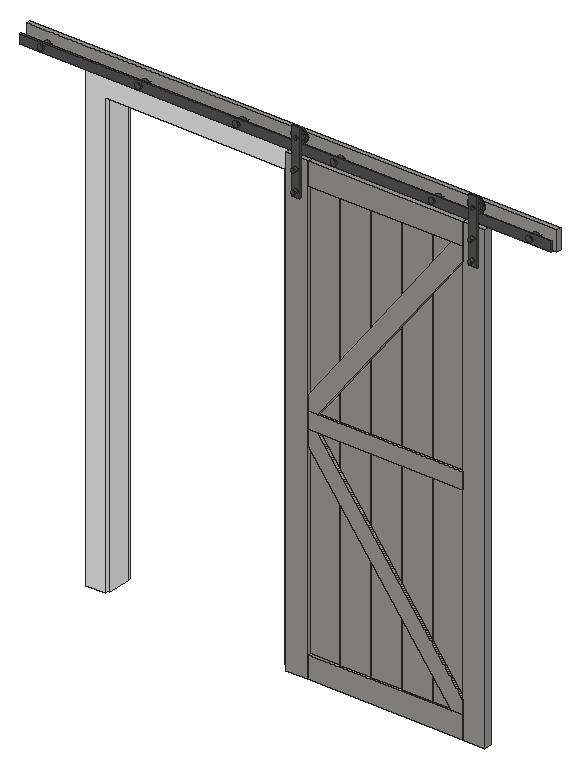
Revit family "Door_Barn_Stone", category Doors, host Wall, Revit 2026
Family settings
  Host = Wall
  Classification Number = 23.30.10.17.11
  Always vertical = Yes
  Cut with Voids When Loaded = No
  Shared = No
  Room Calculation Point = No
Parameters (values of type "Sandstone")
  panelmovement [instance] = if(Percent Open = 0, 0' 0", 3' 0" / ((100 / Percent Open)))  # 3' - 0"
  longtrackmounts = yes
  Width of Blocking Mounting Board [instance] = 0' - 3 1/2"
  Type Comments = "Confirm Opening Size Requirements"
  Track Width = 8' - 0"
  Strap Design [instance] = BarnDoorStraps : Straight Strap
  Standards Conformance = ""
  Sound Transmission Class (STC) = 0
  Show Generic Cased Opening [instance] = yes
  RO Offset [instance] = 0' - 0 3/4"
  Percent Open [instance] = 100
  Panel Width = 3' - 0"
  Panel Thickness = 0' - 1 3/8"
  Panel Stile Width [instance] = 0' - 4"
  Panel Rail Width_Top [instance] = 0' - 4"
  Panel Rail Width_Bottom [instance] = 0' - 4"
  Panel Intermediate Rail Widths [instance] = 0' - 3"
  Panel Height = 7' - 0"
  Panel Center Rail Width [instance] = 0' - 3"
  Minimum Width = 0' - 0"
  Maximum Width = 0' - 0"
  Locate Center of Track [instance] = 0' - 1 1/2"
  Include Blocking Mounting Board [instance] = yes
  Height to Bottom of Blocking Mounting Board [instance] = 7' - 0 1/16"
  Generic Casing Finish [instance] = Wood - Renin - Painted White
  Function = Interior
  Frame Finish [instance] = Metal - Renin - Matte Black Steel
  Door Finish [instance] = Wood - Renin - Sandstone
  Door Design = Door_Barn-Panel_Renin_K : Grooved Wood Panel
  Clear Opening Width [instance] = 2' - 8"
  Clear Opening Height [instance] = 6' - 8"
  Warranty Duration (Years) = 0
  URL = "https://www.renin.com/"
  Thickness = 0' - 0"  # constant formula
  Test Data = ""
  Specification = ""
  SpecWizard = ""
  Send Message = ""
  Sales Information = "https://www.renin.com/contact-us/"
  Rough Width [instance] = (Clear Opening Width + (RO Offset * 2))  # 2' - 9 1/2"
  Rough Height [instance] = (Clear Opening Height + (RO Offset))  # 6' - 8 3/4"
  Product Properties = ""
  Product Data = "http://www.arcat.com/arcatcos/cos49/arc49687.html"
  Manufacturer Website = "https://www.renin.com/"
  Manufacturer Phone - Toll Free = ""
  Manufacturer Fax = "905-791-3813"
  Manufacturer Address = "110 Walker Dr.   Brampton, ON, Canada    L6T 4H6"
  Maintenance Schedule (Months) = 0
  Installation-Fabrication = ""
  Installation Phase = ""
  Green Building-LEED = ""
  Model = "Stone - Sandstone"
  Manufacturer = "Renin Corp"
  Keynote = "08 00 00"
  Height [instance] = 0' - 0"  # constant formula
  Wall Closure = By host
  Width [instance] = 0' - 0"  # constant formula
  Fire Rating = "As Specified"
  Expected Lifespan (Years) = 0
  Drawn By = "Sumex Design, Inc. / Robert S. Weygant, CSI, CDT, SCIP"  # constant formula
  Description = "Renin Barn Door and Track - Stone Easy Slide Soft Close as Specified"
  Copyright = "©Arcat Inc. R1_2017-03"  # constant formula
  Construction Details = ""
  Door CL Projection from Wall [instance] = 0' - 2 1/8"
  Building Codes = ""
  Available Options = ""
  Assembly Code = "C1020100"
  Analytic Construction = "<None>"
  Air Space Beneath Door = 0' - 0 7/16"
Types (3): name | Door Finish | Model
  Off-White | Wood - Renin - Off-White | "Stone - Off-White"
  Iron Age Grey | Wood - Renin - Iron Age Grey | "Stone - Iron Age Grey"
  Sandstone | Wood - Renin - Sandstone | "Stone - Sandstone"
Reference planes (in)
  plane 1 "Center (Front/Back)": y = -33.96225
  plane 2 "Center (Left/Right)": x = 34.28704
  plane 3: z = 0
  plane 4 "Right": x = 50.28704
  plane 5 "Left": x = 18.28704
  plane 6: z = 0
  plane 7 "Top of Frame": z = 80
  plane 8 "RO Top": z = 80.75
  plane 9 "RO Right": x = 51.03704
  plane 10 "RO Left": x = 17.53704
  plane 11 "EXT WALL FACE": y = -31.96225
  plane 12 "INT WALL FACE": y = -35.96225
  plane 13: x = 51.78704
  plane 14: x = 3.78704
  plane 15: x = 99.78704
  plane 16: y = -38.08725
  plane 17: z = 84.4375
  plane 18: z = 0.4375
  plane 19: z = 85.5625
  plane 20: y = -37.39975
  plane 21: y = -38.77475
  plane 22: x = 52.28704
  plane 23: x = 88.28704
  plane 24: x = 70.28704
Forms (in)
  Sweep 1, solid, material "Wood - Renin - Painted White" <- "Generic Casing Finish", visible <- "Show Generic Cased Opening"
    path origin (0, -35.96225, 0) x (-1, 0, 0) y (0, 0, 1)
      loop
        line (-18.28704, 0) -> (-18.28704, 80) -> (-50.28704, 80) -> (-50.28704, 0)
    profile origin (18.28704, -35.96225, 40) x (1, 0, 0) y (0, 1, 0)
      loop
        line (0, 0) -> (0, 4) -> (-0.75, 4) -> (-0.75, 0) -> (0, 0)
  Sweep 2, solid, material "Wood - Renin - Painted White" <- "Generic Casing Finish", visible <- "Show Generic Cased Opening"
    path origin (0, -35.96225, 0) x (-1, 0, 0) y (0, 0, 1)
      loop
        line (-18.28704, 0) -> (-18.28704, 80) -> (-50.28704, 80) -> (-50.28704, 0)
    profile origin (18.28704, -35.96225, 40) x (1, 0, 0) y (0, 1, 0)
      loop
        line (-0.25, 4) -> (-0.25, 4.75) -> (-3.75, 4.75) -> (-3.75, 4) -> (-0.25, 4)
      loop
        line (-0.25, 0) -> (-3.75, 0) -> (-3.75, -0.75) -> (-0.25, -0.75) -> (-0.25, 0)
  Extrusion 3, solid, material "Metal - Renin - Matte Black Steel" <- "Frame Finish"
    sketch origin (10.10712, -38.08725, 48) x (-1, 0, 0) y (0, 0, 1)
      loop
        line (-89.67991, 38.4375) -> (-89.67991, 36.6875) -> (6.32009, 36.6875) -> (6.32009, 38.4375) -> (-89.67991, 38.4375)
    from 0.125 to -0.125
  Extrusion 4, solid, material "Wood - Renin - Sandstone" <- "Door Finish", visible <- "Include Blocking Mounting Board"
    sketch origin (0, -35.96225, 0) x (-1, 0, 0) y (0, 0, 1)
      loop
        line (-3.78704, 87.5625) -> (-99.78704, 87.5625) -> (-99.78704, 84.0625) -> (-3.78704, 84.0625) -> (-3.78704, 87.5625)
    from 0 to -0.75
  Extrusion 5, solid, material "Metal - Renin - Matte Black Steel" <- "Frame Finish", visible <- "longtrackmounts"
    sketch origin (10.10712, -38.08725, 48) x (-1, 0, 0) y (0, 0, 1)
      loop
        circle (-50.52366, 37.5625) r 0.5
      loop
        circle (-68.21116, 37.5625) r 0.5
      loop
        circle (-85.89866, 37.5625) r 0.5
      loop
        circle (-32.83616, 37.5625) r 0.5
      loop
        circle (-15.14866, 37.5625) r 0.5
      loop
        circle (2.53884, 37.5625) r 0.5
    from -0.31146 to 2.125
Lines and regions (in)
  Opening 1
    outline origin (-109.33485, -35.96225, 0) x (1, 0, 0) y (0, 0, 1)
      loop
        line (126.87189, 0) -> (160.37189, 0) -> (160.37189, 80.75) -> (126.87189, 80.75) -> (126.87189, 0)
Text (in)
  text "Exterior" at (-73.77742, -16.66641, 0), in view "Plan"
  text "Interior" at (-73.77742, -50.14366, 0), in view "Plan"
  text "Exterior" at (0, -17.98638, 123.01588), in view "Right"
  text "Interior" at (0, -64.39139, 123.01588), in view "Right"
  text "Interior" at (0, -52.09468, 121.14095), in view "Left"
  text "Exterior" at (0, 26.35325, 123.00693), in view "Left"
Dimensions and locks (in)
  equal spacing: plane 4 "Right", plane 2 "Center (Left/Right)", plane 5 "Left"
  "Clear Opening Width": plane 5 "Left" to plane 4 "Right"
  "Clear Opening Height": level to plane 7 "Top of Frame"
  "RO Offset": plane 5 "Left" to plane 10 "RO Left"
  "RO Offset": plane 9 "RO Right" to plane 4 "Right"
  "RO Offset": plane 7 "Top of Frame" to plane 8 "RO Top"
  Sweep 2 sketch curve to plane 11 "EXT WALL FACE" to Sweep 2 sketch curve = 0' - 0 3/4" locked, 0' - 0" locked
  plane 12 "INT WALL FACE" to Sweep 2 sketch curve to Sweep 2 sketch curve = 0' - 0" locked, 0' - 0 3/4" locked
  Sweep 2 sketch curve to plane 10 "RO Left" to Sweep 2 sketch curve = 0' - 3" locked, 0' - 0 1/2" locked  (x2)
  "Locate Center of Track": plane 4 "Right" to plane 13
  equal spacing: plane 15, plane 13, plane 14
  "Track Width": plane 15 to plane 14
  "Door CL Projection from Wall": plane 12 "INT WALL FACE" to plane 16
  "Air Space Beneath Door": plane 18 to level
  "Panel Height": plane 17 to plane 18
  locked: plane 19 to plane 17 at 1.125
  Extrusion 3 sketch curve to plane 19 to Extrusion 3 sketch curve = 0' - 0 7/8" locked, 0' - 0 7/8" locked
  equal spacing: plane 20, plane 16, plane 21
  "Panel Thickness": plane 20 to plane 21
  locked: plane 23 to plane 22 at 36
  equal spacing: plane 23, plane 24, plane 22
  "panelmovement": plane 24 to plane 2 "Center (Left/Right)"
  "Height to Bottom of Blocking Mounting Board": Extrusion 4 sketch curve to level
  "Width of Blocking Mounting Board": Extrusion 4 sketch curve to Extrusion 4 sketch curve
  Extrusion 5 sketch curve to Extrusion 5 sketch curve to Extrusion 5 sketch curve to plane 13 = 1' - 5 11/16" locked, 1' - 5 11/16" locked, 0' - 8 27/32" locked
  Extrusion 5 sketch curve to Extrusion 5 sketch curve to Extrusion 5 sketch curve = 1' - 5 11/16" locked, 1' - 5 11/16" locked
  locked: plane 13 to Extrusion 5 sketch curve at 8.84375
  aligned and locked: host wall to plane 1 "Center (Front/Back)"
  aligned and locked: Opening 1 sketch curve to level
  aligned and locked: plane 9 "RO Right" to Opening 1 sketch curve
  aligned and locked: Opening 1 sketch curve to plane 8 "RO Top"
  aligned and locked: plane 10 "RO Left" to Opening 1 sketch curve
  aligned and locked: plane 12 "INT WALL FACE" to host wall
  aligned and locked: host wall to plane 11 "EXT WALL FACE"
  aligned and locked: plane 4 "Right" to Sweep 1 sketch curve
  aligned and locked: Sweep 1 sketch curve to plane 5 "Left"
  aligned and locked: Sweep 1 sketch curve to plane 7 "Top of Frame"
  aligned and locked: Sweep 1 sketch curve to plane 11 "EXT WALL FACE"
  aligned and locked: plane 12 "INT WALL FACE" to Sweep 1 sketch curve
  aligned and locked: plane 10 "RO Left" to Sweep 1 sketch curve
  aligned and locked: plane 5 "Left" to Sweep 1 sketch curve
  aligned and locked: plane 5 "Left" to Sweep 2 sketch curve
  aligned and locked: plane 7 "Top of Frame" to Sweep 2 sketch curve
  aligned and locked: Sweep 2 sketch curve to plane 4 "Right"
  aligned and locked: Extrusion 3 sketch curve to plane 15
  aligned and locked: Extrusion 3 sketch curve to plane 14
  aligned and locked: nested 1 to plane 20
  aligned and locked: nested 1 to plane 24
  aligned and locked: plane 24 to nested 2
  aligned and locked: nested 2 to plane 21
  aligned and locked: plane 14 to Extrusion 4 sketch curve
  aligned and locked: plane 15 to Extrusion 4 sketch curve
  aligned and locked: plane 12 "INT WALL FACE" to Extrusion 5
Automatic sketch dimensions
  Sweep 1 sketch curve to level = 0' - 0"  (x2)
  Sweep 2 sketch curve to level = 0' - 0"  (x2)
  Extrusion 5 sketch curve to plane 19 = 0' - 0"  (x6)
  radius of Extrusion 5 sketch curve = 0' - 0 1/2"  (x6)
Nested families (in)
  nested 1: "Door_Barn-Panel_Renin_K" at (70.28704, -37.39975, 0), type <- "Door Design", Stile Width <- "Panel Stile Width", Rail Width_Top <- "Panel Rail Width_Top", Rail Width_Bottom <- "Panel Rail Width_Bottom", Intermediate Rail Width <- "Panel Intermediate Rail Widths", Door Finish <- "Door Finish", Center Rail Width <- "Panel Center Rail Width", type "Grooved Wood Panel"
    with groovelineextension 6' - 4", Stile Width 0' - 4", Rail Width_Top 0' - 4", Rail Width_Bottom 0' - 4", Panel Width 3' - 0", Panel Thickness 0' - 1 3/8", Panel Height 7' - 0", Intermediate Rail Width 0' - 3", Door Finish Wood - Renin - Sandstone, Center Rail Width 0' - 3", Center Panel Thickness 0' - 0 1/2"
  nested 2: "BarnDoorStraps" at (70.28704, -38.77475, 84.4375), type <- "Strap Design", Stile Width <- "Panel Stile Width", finish <- "Frame Finish", type "Straight Strap"
    with finish Metal - Renin - Matte Black Steel, Stile Width 0' - 4", Top Mount no, Strap Mountings yes, Straight Strap yes
Definition of nested family "Door_Barn-Panel_Renin_K"
  Parameters (values of type "Grooved Wood Panel")
    groovelineextension [instance] = if(Grooved Wood Panel, Panel Height - Rail Width_Top - Rail Width_Bottom, 0' 0")  # 6' - 4"
    Stile Width [instance] = 0' - 4.0428"
    Rail Width_Top [instance] = 0' - 4"
    Rail Width_Bottom [instance] = 0' - 4"
    Panel Width [instance] = 3' - 0"
    Panel Thickness [instance] = 0' - 1 3/8"
    Panel Height [instance] = 7' - 0"
    Intermediate Rail Width [instance] = 0' - 3"
    Grooved Wood Panel = yes
    Glazing Panel = no
    Door Finish [instance] = none
    Default Elevation = 0' - 0"  # constant formula
    Center Rail Width [instance] = 0' - 3"
    Center Panel Thickness [instance] = 0' - 0 1/2"
    Analytic Construction = "<None>"
  Types (2): name | groovelineextension | Grooved Wood Panel | Glazing Panel
    Glazed Panel | 0' - 0" | no | yes
    Grooved Wood Panel | 6' - 4" | yes | no
  Reference planes (in)
    plane 1 "Center (Front/Back)": y = 0
    plane 2: z = 0
    plane 3 "Center (Left/Right)": x = 0
    plane 4: x = -18
    plane 5: x = 18
    plane 6: z = 0.4375
    plane 7: z = 84.4375
    plane 8: y = -1.375
    plane 9: z = 80.4375
    plane 10: z = 4.4375
    plane 11: x = -13.9572
    plane 12: x = 13.9572
    plane 13: y = -0.6875
    plane 14: y = -0.4375
    plane 15: y = -0.9375
    plane 16: x = -8.37432
    plane 17: x = -2.79144
    plane 18: x = 2.79144
    plane 19: x = 8.37432
    plane 20: z = 42.4375
    plane 21: z = 43.9375
    plane 22: z = 40.9375
  Forms (in)
    Extrusion 1, solid, material <- "Door Finish"
      sketch origin (0, 0, 0) x (1, 0, 0) y (0, 0, 1)
        loop
          line (-13.9572, 4.4375) -> (-13.9572, 0.4375) -> (13.9572, 0.4375) -> (13.9572, 4.4375) -> (-13.9572, 4.4375)
      from 0 to 1.375 <- "Panel Thickness"
    Extrusion 2, solid, material <- "Door Finish"
      sketch origin (0, 0, 0) x (1, 0, 0) y (0, 0, 1)
        loop
          line (-18, 84.4375) -> (-18, 0.4375) -> (-13.9572, 0.4375) -> (-13.9572, 84.4375) -> (-18, 84.4375)
        loop
          line (13.9572, 84.4375) -> (13.9572, 0.4375) -> (18, 0.4375) -> (18, 84.4375) -> (13.9572, 84.4375)
      from 0 to 1.375 <- "Panel Thickness"
    Extrusion 3, solid, material <- "Door Finish"
      sketch origin (0, 0, 0) x (1, 0, 0) y (0, 0, 1)
        loop
          line (-13.9572, 84.4375) -> (-13.9572, 80.4375) -> (13.9572, 80.4375) -> (13.9572, 84.4375) -> (-13.9572, 84.4375)
      from 0 to 1.375 <- "Panel Thickness"
    Extrusion 4, solid, material <- "Door Finish"
      sketch origin (-18.65389, -0.6875, 48) x (-1, 0, 0) y (0, 0, 1)
        loop
          line (-4.69669, 32.4375) -> (-32.61109, 32.4375) -> (-32.61109, -43.5625) -> (-4.69669, -43.5625) -> (-4.69669, 32.4375)
      from -0.25 to 0.25
    Extrusion 5, void
      sketch origin (-21.72866, -180, 80.4375) x (0, -1, 0) y (-1, 0, 0)
        loop
          line (-179.5625, -13.47934) -> (-179.49033, -13.35434) -> (-179.5625, -13.22934) -> (-179.5625, -13.47934)
        loop
          line (-179.0625, -13.47934) -> (-179.0625, -13.22934) -> (-179.13467, -13.35434) -> (-179.0625, -13.47934)
      from -0.5 to 76 <- "groovelineextension"
    Extrusion 6, void
      sketch origin (-21.72866, -180, 80.4375) x (0, -1, 0) y (-1, 0, 0)
        loop
          line (-179.49033, -18.93722) -> (-179.5625, -18.81222) -> (-179.5625, -19.06222) -> (-179.49033, -18.93722)
        loop
          line (-179.0625, -18.81222) -> (-179.13467, -18.93722) -> (-179.0625, -19.06222) -> (-179.0625, -18.81222)
      from -0.5 to 76 <- "groovelineextension"
    Extrusion 7, void
      sketch origin (-21.72866, -180, 80.4375) x (0, -1, 0) y (-1, 0, 0)
        loop
          line (-179.49033, -24.5201) -> (-179.5625, -24.3951) -> (-179.5625, -24.6451) -> (-179.49033, -24.5201)
        loop
          line (-179.0625, -24.3951) -> (-179.13467, -24.5201) -> (-179.0625, -24.6451) -> (-179.0625, -24.3951)
      from -0.5 to 76 <- "groovelineextension"
    Extrusion 8, void
      sketch origin (-21.72866, -180, 80.4375) x (0, -1, 0) y (-1, 0, 0)
        loop
          line (-179.49033, -30.10298) -> (-179.5625, -29.97798) -> (-179.5625, -30.22798) -> (-179.49033, -30.10298)
        loop
          line (-179.0625, -29.97798) -> (-179.13467, -30.10298) -> (-179.0625, -30.22798) -> (-179.0625, -29.97798)
      from -0.5 to 76 <- "groovelineextension"
    Extrusion 9, solid, material <- "Door Finish"
      sketch origin (0, 0, 0) x (1, 0, 0) y (0, 0, 1)
        loop
          line (-13.9572, 43.9375) -> (-13.9572, 40.9375) -> (13.9572, 40.9375) -> (13.9572, 43.9375) -> (-13.9572, 43.9375)
      from 0 to 1.375 <- "Panel Thickness"
    Extrusion 10, solid, material <- "Door Finish"
      sketch origin (13.9572, 0, 80.4375) x (-0.607486, 0, -0.79433) y (0.79433, 0, -0.607486)
        loop
          line (1.96135, 1.5) -> (0, 0) -> (1.14717, -1.5) -> (43.98931, -1.5) -> (45.95067, 0) -> (44.8035, 1.5) -> (1.96135, 1.5)
      from 0 to 1.375 <- "Panel Thickness"
    Extrusion 11, solid, material <- "Door Finish"
      sketch origin (-13.9572, 0, 40.9375) x (0.607486, 0, -0.79433) y (0.79433, 0, 0.607486)
        loop
          line (1.14717, 1.5) -> (0, 0) -> (1.96135, -1.5) -> (44.8035, -1.5) -> (45.95067, 0) -> (43.98931, 1.5) -> (1.14717, 1.5)
      from 0 to 1.375 <- "Panel Thickness"
  Cuts and joins
    Extrusion 5, Extrusion 6, Extrusion 7, Extrusion 8 cuts Extrusion 1
    Extrusion 5, Extrusion 6, Extrusion 7, Extrusion 8 cuts Extrusion 4
  Lines and regions (in)
    reference lines
      curve 1: line (13.9572, 0, 80.4375) -> (-13.9572, 0, 43.9375)
      curve 2: line (-13.9572, 0, 40.9375) -> (13.9572, 0, 4.4375)
  Dimensions and locks (in)
    equal spacing: plane 4, plane 3 "Center (Left/Right)", plane 5
    "Panel Width": plane 4 to plane 5
    locked: plane 6 to level at 0.4375
    "Panel Height": plane 7 to plane 6
    "Panel Thickness": plane 8 to plane 1 "Center (Front/Back)"
    "Stile Width": plane 11 to plane 4
    "Stile Width": plane 5 to plane 12
    "Rail Width_Top": plane 7 to plane 9
    "Rail Width_Bottom": plane 10 to plane 6
    equal spacing: plane 8, plane 13, plane 1 "Center (Front/Back)"
    equal spacing: plane 14, plane 13, plane 15
    "Center Panel Thickness": plane 14 to plane 15
    equal spacing: plane 11, plane 16, plane 17, plane 18, plane 19, plane 12
    Extrusion 5 sketch curve to plane 16 to Extrusion 5 sketch curve = 0' - 0 1/8" locked, 0' - 0 1/8" locked  (x2)
    plane 14 to Extrusion 5 sketch curve to Extrusion 5 sketch curve = 0' - 0" locked, 0' - 0.07217" locked
    plane 15 to Extrusion 5 sketch curve to Extrusion 5 sketch curve = 0' - 0" locked, 0' - 0.07217" locked
    Extrusion 6 sketch curve to plane 17 to Extrusion 6 sketch curve = 0' - 0 1/8" locked, 0' - 0 1/8" locked  (x2)
    plane 14 to Extrusion 6 sketch curve to Extrusion 6 sketch curve = 0' - 0" locked, 0' - 0.07217" locked
    plane 15 to Extrusion 6 sketch curve to Extrusion 6 sketch curve = 0' - 0" locked, 0' - 0.07217" locked
    Extrusion 7 sketch curve to plane 18 to Extrusion 7 sketch curve = 0' - 0 1/8" locked, 0' - 0 1/8" locked  (x2)
    plane 14 to Extrusion 7 sketch curve to Extrusion 7 sketch curve = 0' - 0" locked, 0' - 0.07217" locked
    plane 15 to Extrusion 7 sketch curve to Extrusion 7 sketch curve = 0' - 0" locked, 0' - 0.07217" locked
    Extrusion 8 sketch curve to plane 19 to Extrusion 8 sketch curve = 0' - 0 1/8" locked, 0' - 0 1/8" locked  (x2)
    plane 14 to Extrusion 8 sketch curve to Extrusion 8 sketch curve = 0' - 0" locked, 0' - 0.07217" locked
    plane 15 to Extrusion 8 sketch curve to Extrusion 8 sketch curve = 0' - 0" locked, 0' - 0.07217" locked
    equal spacing: plane 9, plane 20, plane 10
    equal spacing: plane 21, plane 20, plane 22
    "Center Rail Width": plane 21 to plane 22
    equal spacing: Extrusion 10 sketch curve, curve 1, Extrusion 10 sketch curve
    "Intermediate Rail Width": Extrusion 10 sketch curve to Extrusion 10 sketch curve
    equal spacing: Extrusion 11 sketch curve, curve 2, Extrusion 11 sketch curve
    "Intermediate Rail Width": Extrusion 11 sketch curve to Extrusion 11 sketch curve
    aligned and locked: plane 2 to level
    aligned and locked: Extrusion 1 sketch curve to plane 10
    aligned and locked: plane 11 to Extrusion 1 sketch curve
    aligned and locked: plane 6 to Extrusion 1 sketch curve
    aligned and locked: Extrusion 1 sketch curve to plane 12
    aligned and locked: Extrusion 2 sketch curve to plane 7  (x2)
    aligned and locked: plane 4 to Extrusion 2 sketch curve
    aligned and locked: Extrusion 2 sketch curve to Extrusion 1  (x2)
    aligned and locked: plane 12 to Extrusion 2 sketch curve
    aligned and locked: plane 6 to Extrusion 2 sketch curve
    aligned and locked: Extrusion 2 sketch curve to plane 5
    aligned and locked: Extrusion 3 sketch curve to Extrusion 2
    aligned and locked: Extrusion 2 to Extrusion 3 sketch curve
    aligned and locked: plane 9 to Extrusion 3 sketch curve
    aligned and locked: Extrusion 3 sketch curve to plane 12
    aligned and locked: Extrusion 4 sketch curve to Extrusion 3  (x2)
    aligned and locked: Extrusion 4 sketch curve to Extrusion 1  (x2)
    aligned and locked: plane 15 to Extrusion 4
    aligned and locked: plane 14 to Extrusion 4
    aligned and locked: plane 11 to curve 1
    aligned and locked: plane 12 to curve 1
    aligned and locked: plane 9 to curve 1
    aligned and locked: plane 21 to curve 1
    aligned and locked: plane 12 to curve 2
    aligned and locked: plane 10 to curve 2
    aligned and locked: plane 11 to curve 2
    aligned and locked: plane 22 to curve 2
    aligned and locked: plane 21 to Extrusion 9 sketch curve
    aligned and locked: Extrusion 9 sketch curve to plane 22
    aligned and locked: Extrusion 9 sketch curve to plane 11
    aligned and locked: plane 12 to Extrusion 9 sketch curve
    aligned and locked: Extrusion 10 sketch curve to plane 9
    aligned and locked: Extrusion 10 sketch curve to plane 12
    aligned and locked: Extrusion 10 sketch curve to plane 11
    aligned and locked: Extrusion 10 sketch curve to plane 21
    aligned and locked: Extrusion 11 sketch curve to plane 22
    aligned and locked: plane 11 to Extrusion 11 sketch curve
    aligned and locked: plane 10 to Extrusion 11 sketch curve
    aligned and locked: Extrusion 11 sketch curve to plane 12
  Automatic sketch dimensions
    Extrusion 5 sketch curve to plane 16 = 0' - 0"  (x2)
    Extrusion 6 sketch curve to plane 17 = 0' - 0"  (x2)
    Extrusion 7 sketch curve to plane 18 = 0' - 0"  (x2)
    Extrusion 8 sketch curve to plane 19 = 0' - 0"  (x2)
Definition of nested family "BarnDoorStraps"
  Parameters
    finish [instance] = none
    Top Mount = yes
    Strap Mountings = no
    Straight Strap = no
    Stile Width [instance] = 0' - 4"
    Default Elevation = 4' - 0"
    Bent Strap = no
  Reference planes (in)
    plane 1 "Center (Front/Back)": y = 0
    plane 2: z = 0
    plane 3 "Center (Left/Right)": x = 0
    plane 4: x = -18
    plane 5: x = 18
    plane 6: x = -14
    plane 7: x = 14
    plane 8: x = -16
    plane 9: x = 16
    plane 10: x = -14.75
    plane 11: x = 14.75
  Forms (in)
    Extrusion 1, solid, material <- "finish", visible <- "Straight Strap"
      sketch origin (-16, -180, 3.46053) x (0, 0, 1) y (0, -1, 0)
        loop
          line (1.53947, -180) -> (1.53947, -179.8125) -> (-9.96053, -179.8125) -> (-9.96053, -180) -> (1.53947, -180)
      from 0.75 to -0.75
    Extrusion 2, solid, material <- "finish", visible <- "Straight Strap"
      sketch origin (16, -180, 3.46053) x (0, 0, 1) y (0, -1, 0)
        loop
          line (1.53947, -180) -> (1.53947, -179.8125) -> (-9.96053, -179.8125) -> (-9.96053, -180) -> (1.53947, -180)
      from 0.75 to -0.75
    Extrusion 3, solid, material <- "finish", visible <- "Strap Mountings"
      sketch origin (0, 0, 0) x (1, 0, 0) y (0, 0, 1)
        loop
          circle (-16, -1.9375) r 0.33529
        loop
          circle (-16, -5.5) r 0.33529
        loop
          circle (16, -1.9375) r 0.33529
        loop
          circle (16, -5.5) r 0.33529
      from 0.1875 to 0.83898
    Revolve 4, solid, material <- "finish", visible <- "Strap Mountings"
      sketch origin (-16, -180, 3.46053) x (0, 0, 1) y (0, -1, 0)
        loop
          line (-0.64045, -180) -> (-1.06567, -180) -> (-1.19953, -180.45376) -> (-1.71053, -180.45376) -> (-1.71053, -180.56187) -> (-1.46053, -180.56187) -> (-1.46053, -180.81187) -> (-1.71053, -180.81187) -> (-1.71053, -180.92124) -> (-1.19953, -180.92124) -> (-1.06567, -181.375) -> (-0.33553, -181.375) -> (-0.33553, -179.6989) -> (-0.64045, -179.6989) -> (-0.64045, -180)
        axis (-0.33553, -179.6989) -> (-0.33553, -181.375)
      angle from 0 to 360
    Revolve 5, solid, material <- "finish", visible <- "Strap Mountings"
      sketch origin (16, -180, 3.46053) x (0, 0, 1) y (0, -1, 0)
        loop
          line (-0.64045, -180) -> (-1.06567, -180) -> (-1.19953, -180.45376) -> (-1.71053, -180.45376) -> (-1.71053, -180.56187) -> (-1.46053, -180.56187) -> (-1.46053, -180.81187) -> (-1.71053, -180.81187) -> (-1.71053, -180.92124) -> (-1.19953, -180.92124) -> (-1.06567, -181.375) -> (-0.33553, -181.375) -> (-0.33553, -179.6989) -> (-0.64045, -179.6989) -> (-0.64045, -180)
        axis (-0.33553, -179.6989) -> (-0.33553, -181.375)
      angle from 0 to 360
    Extrusion 6, solid, material <- "finish", visible <- "Bent Strap"
      sketch origin (-16, -180, 3.46053) x (0, 0, 1) y (0, -1, 0)
        loop
          line (0.78947, -179.8125) -> (-9.96053, -179.8125) -> (-9.96053, -180) -> (0.78947, -180)
          arc (0.78947, -180) -> (1.47697, -180.6875) -> (0.78947, -181.375) r 0.6875
          line (0.78947, -181.375) -> (-0.96053, -181.375) -> (-0.96053, -181.5625) -> (0.78947, -181.5625)
          arc (0.78947, -181.5625) -> (1.66447, -180.6875) -> (0.78947, -179.8125) r 0.875
      from 0.75 to -0.75
    Extrusion 7, solid, material <- "finish", visible <- "Bent Strap"
      sketch origin (16, -180, 3.46053) x (0, 0, 1) y (0, -1, 0)
        loop
          line (0.78947, -179.8125) -> (-9.96053, -179.8125) -> (-9.96053, -180) -> (0.78947, -180)
          arc (0.78947, -180) -> (1.47697, -180.6875) -> (0.78947, -181.375) r 0.6875
          line (0.78947, -181.375) -> (-0.96053, -181.375) -> (-0.96053, -181.5625) -> (0.78947, -181.5625)
          arc (0.78947, -181.5625) -> (1.66447, -180.6875) -> (0.78947, -179.8125) r 0.875
      from 0.75 to -0.75
    Revolve 8, solid, material <- "finish", visible <- "Top Mount"
      sketch origin (-14.75, -180, 3.46053) x (0, 0, 1) y (0, -1, 0)
        loop
          line (-0.64045, -180) -> (-1.06567, -180) -> (-1.19953, -180.45376) -> (-1.71053, -180.45376) -> (-1.71053, -180.56187) -> (-1.46053, -180.56187) -> (-1.46053, -180.81187) -> (-1.71053, -180.81187) -> (-1.71053, -180.92124) -> (-1.19953, -180.92124) -> (-1.06567, -181.375) -> (-0.33553, -181.375) -> (-0.33553, -179.6989) -> (-0.64045, -179.6989) -> (-0.64045, -180)
        axis (-0.33553, -179.6989) -> (-0.33553, -181.375)
      angle from 0 to 360
    Revolve 9, solid, material <- "finish", visible <- "Top Mount"
      sketch origin (14.75, -180, 3.46053) x (0, 0, 1) y (0, -1, 0)
        loop
          line (-0.64045, -180) -> (-1.06567, -180) -> (-1.19953, -180.45376) -> (-1.71053, -180.45376) -> (-1.71053, -180.56187) -> (-1.46053, -180.56187) -> (-1.46053, -180.81187) -> (-1.71053, -180.81187) -> (-1.71053, -180.92124) -> (-1.19953, -180.92124) -> (-1.06567, -181.375) -> (-0.33553, -181.375) -> (-0.33553, -179.6989) -> (-0.64045, -179.6989) -> (-0.64045, -180)
        axis (-0.33553, -179.6989) -> (-0.33553, -181.375)
      angle from 0 to 360
    Extrusion 10, solid, material <- "finish", visible <- "Top Mount"
      sketch origin (0, 0, 0) x (1, 0, 0) y (0, 0, 1)
        loop
          line (-15.5, 0) -> (-14, 0) -> (-14, 3.125)
          arc (-14, 3.125) -> (-14.75, 3.875) -> (-15.5, 3.125) r 0.75
          line (-15.5, 3.125) -> (-15.5, 0)
        loop
          line (15.5, 0) -> (15.5, 3.125)
          arc (15.5, 3.125) -> (14.75, 3.875) -> (14, 3.125) r 0.75
          line (14, 3.125) -> (14, 0) -> (15.5, 0)
      from 0 to 0.1875
    Extrusion 11, solid, material <- "finish", visible <- "Top Mount"
      sketch origin (0, 0, 0) x (1, 0, 0) y (0, 1, 0)
        loop
          line (-16.5, 0.0625) -> (-15.5, 0.0625) -> (-15.5, 0) -> (-14, 0) -> (-14, 0.0625) -> (-13, 0.0625)
          arc (-13, 0.0625) -> (-12.375, 0.6875) -> (-13, 1.3125) r 0.625
          line (-13, 1.3125) -> (-16.5, 1.3125)
          arc (-16.5, 1.3125) -> (-17.125, 0.6875) -> (-16.5, 0.0625) r 0.625
        loop
          arc (16.5, 0.0625) -> (17.125, 0.6875) -> (16.5, 1.3125) r 0.625
          line (16.5, 1.3125) -> (13, 1.3125)
          arc (13, 1.3125) -> (12.375, 0.6875) -> (13, 0.0625) r 0.625
          line (13, 0.0625) -> (14, 0.0625) -> (14, 0) -> (15.5, 0) -> (15.5, 0.0625) -> (16.5, 0.0625)
      from 0 to 0.19622
  Cuts and joins
    joined: Extrusion 10, Extrusion 11
  Dimensions and locks (in)
    plane 4 to plane 3 "Center (Left/Right)" to plane 5 = 1' - 6" locked, 1' - 6" locked
    "Stile Width": plane 6 to plane 4
    "Stile Width": plane 5 to plane 7
    equal spacing: plane 6, plane 8, plane 4
    equal spacing: plane 5, plane 9, plane 7
    locked: plane 6 to plane 10 at 0.75
    locked: plane 11 to plane 7 at 0.75
    plane 6 to Extrusion 10 sketch curve to Extrusion 10 sketch curve = 0' - 0" locked, 0' - 1 1/2" locked
    Extrusion 10 sketch curve to plane 7 to Extrusion 10 sketch curve = 0' - 1 1/2" locked, 0' - 0" locked
    Extrusion 11 sketch curve to plane 10 to Extrusion 11 sketch curve = 0' - 1 3/4" locked, 0' - 1 3/4" locked
    Extrusion 11 sketch curve to plane 11 to Extrusion 11 sketch curve = 0' - 1 3/4" locked, 0' - 1 3/4" locked
    plane 7 to Extrusion 11 sketch curve to Extrusion 11 sketch curve = 0' - 0" locked, 0' - 1 1/2" locked
    Extrusion 11 sketch curve to plane 6 to Extrusion 11 sketch curve = 0' - 1 1/2" locked, 0' - 0" locked
    aligned and locked: plane 2 to level
  Automatic sketch dimensions
    Extrusion 1 sketch curve to plane 1 "Center (Front/Back)" = 0' - 0"
    Extrusion 1 sketch curve to level = 0' - 6 1/2"
    plane 1 "Center (Front/Back)" to Extrusion 1 sketch curve = 0' - 0 3/16"
    level to Extrusion 1 sketch curve = 0' - 5"
    Extrusion 2 sketch curve to plane 1 "Center (Front/Back)" = 0' - 0"
    Extrusion 2 sketch curve to level = 0' - 6 1/2"
    plane 1 "Center (Front/Back)" to Extrusion 2 sketch curve = 0' - 0 3/16"
    level to Extrusion 2 sketch curve = 0' - 5"
    Extrusion 3 sketch curve to plane 8 = 0' - 0"  (x2)
    Extrusion 3 sketch curve to plane 9 = 0' - 0"  (x2)
    Extrusion 3 sketch curve to level = 0' - 5 1/2"  (x2)
    Extrusion 3 sketch curve to level = 0' - 1 15/16"  (x2)
    Revolve 4 sketch curve to plane 1 "Center (Front/Back)" = 0' - 0"  (x2)
    Revolve 4 sketch curve to plane 1 "Center (Front/Back)" = 0' - 0.81187"
    level to Revolve 4 sketch curve = 0' - 1 3/4"
    Revolve 4 sketch curve to Revolve 4 sketch curve = 0' - 0"  (x2)
    Revolve 4 sketch curve to Revolve 4 sketch curve = 0' - 0 1/4"  (x2)
    Revolve 4 sketch curve to plane 1 "Center (Front/Back)" = 0' - 0.45376"
    Revolve 4 sketch curve to Revolve 4 sketch curve = 0' - 0.261"  (x2)
    Revolve 4 sketch curve to Revolve 4 sketch curve = 0' - 0.13386"  (x2)
    Revolve 4 sketch curve to Revolve 4 sketch curve = 0' - 0.42522"
    Revolve 4 sketch curve to Revolve 4 sketch curve = 0' - 0.73014"
    Revolve 4 sketch curve to Revolve 4 sketch curve = 0' - 0 7/64"
    Revolve 4 sketch curve to Revolve 4 sketch curve = 0' - 0.45376"
    plane 1 "Center (Front/Back)" to Revolve 4 sketch curve = 0' - 0.3011"
    Revolve 4 sketch curve to Revolve 4 sketch curve = 0' - 2 1/8"
    Revolve 5 sketch curve to plane 1 "Center (Front/Back)" = 0' - 0"  (x2)
    Revolve 5 sketch curve to plane 1 "Center (Front/Back)" = 0' - 0.81187"
    level to Revolve 5 sketch curve = 0' - 1 3/4"
    Revolve 5 sketch curve to Revolve 5 sketch curve = 0' - 0"  (x2)
    Revolve 5 sketch curve to Revolve 5 sketch curve = 0' - 0 1/4"  (x2)
    Revolve 5 sketch curve to plane 1 "Center (Front/Back)" = 0' - 0.45376"
    Revolve 5 sketch curve to Revolve 5 sketch curve = 0' - 0.261"  (x2)
    Revolve 5 sketch curve to Revolve 5 sketch curve = 0' - 0.13386"  (x2)
    Revolve 5 sketch curve to Revolve 5 sketch curve = 0' - 0.42522"
    Revolve 5 sketch curve to Revolve 5 sketch curve = 0' - 0.73014"
    Revolve 5 sketch curve to Revolve 5 sketch curve = 0' - 0 7/64"
    Revolve 5 sketch curve to Revolve 5 sketch curve = 0' - 0.45376"
    plane 1 "Center (Front/Back)" to Revolve 5 sketch curve = 0' - 0.3011"
    Revolve 5 sketch curve to Revolve 5 sketch curve = 0' - 2 1/8"
    Extrusion 6 sketch curve to Extrusion 6 sketch curve = 0' - 0"  (x2)
    Extrusion 6 sketch curve to plane 1 "Center (Front/Back)" = 0' - 0"
    plane 1 "Center (Front/Back)" to Extrusion 6 sketch curve = 0' - 0 3/16"
    Extrusion 6 sketch curve to level = 0' - 6 1/2"
    level to Extrusion 6 sketch curve = 0' - 2 1/2"
    Extrusion 6 sketch curve to Extrusion 6 sketch curve = 0' - 1 3/4"
    Extrusion 6 sketch curve to Extrusion 6 sketch curve = 0' - 0 11/16"
    Extrusion 7 sketch curve to Extrusion 7 sketch curve = 0' - 0"  (x2)
    Extrusion 7 sketch curve to plane 1 "Center (Front/Back)" = 0' - 0"
    plane 1 "Center (Front/Back)" to Extrusion 7 sketch curve = 0' - 0 3/16"
    Extrusion 7 sketch curve to level = 0' - 6 1/2"
    level to Extrusion 7 sketch curve = 0' - 2 1/2"
    Extrusion 7 sketch curve to Extrusion 7 sketch curve = 0' - 1 3/4"
    Extrusion 7 sketch curve to Extrusion 7 sketch curve = 0' - 0 11/16"
    Revolve 8 sketch curve to plane 1 "Center (Front/Back)" = 0' - 0"  (x2)
    Revolve 8 sketch curve to plane 1 "Center (Front/Back)" = 0' - 0.81187"
    level to Revolve 8 sketch curve = 0' - 1 3/4"
    Revolve 8 sketch curve to Revolve 8 sketch curve = 0' - 0"  (x2)
    Revolve 8 sketch curve to Revolve 8 sketch curve = 0' - 0 1/4"  (x2)
    Revolve 8 sketch curve to plane 1 "Center (Front/Back)" = 0' - 0.45376"
    Revolve 8 sketch curve to Revolve 8 sketch curve = 0' - 0.261"  (x2)
    Revolve 8 sketch curve to Revolve 8 sketch curve = 0' - 0.13386"  (x2)
    Revolve 8 sketch curve to Revolve 8 sketch curve = 0' - 0.42522"
    Revolve 8 sketch curve to Revolve 8 sketch curve = 0' - 0.73014"
    Revolve 8 sketch curve to Revolve 8 sketch curve = 0' - 0 7/64"
    Revolve 8 sketch curve to Revolve 8 sketch curve = 0' - 0.45376"
    plane 1 "Center (Front/Back)" to Revolve 8 sketch curve = 0' - 0.3011"
    Revolve 8 sketch curve to Revolve 8 sketch curve = 0' - 2 1/8"
    Revolve 9 sketch curve to plane 1 "Center (Front/Back)" = 0' - 0"  (x2)
    Revolve 9 sketch curve to plane 1 "Center (Front/Back)" = 0' - 0.81187"
    level to Revolve 9 sketch curve = 0' - 1 3/4"
    Revolve 9 sketch curve to Revolve 9 sketch curve = 0' - 0"  (x2)
    Revolve 9 sketch curve to Revolve 9 sketch curve = 0' - 0 1/4"  (x2)
    Revolve 9 sketch curve to plane 1 "Center (Front/Back)" = 0' - 0.45376"
    Revolve 9 sketch curve to Revolve 9 sketch curve = 0' - 0.261"  (x2)
    Revolve 9 sketch curve to Revolve 9 sketch curve = 0' - 0.13386"  (x2)
    Revolve 9 sketch curve to Revolve 9 sketch curve = 0' - 0.42522"
    Revolve 9 sketch curve to Revolve 9 sketch curve = 0' - 0.73014"
    Revolve 9 sketch curve to Revolve 9 sketch curve = 0' - 0 7/64"
    Revolve 9 sketch curve to Revolve 9 sketch curve = 0' - 0.45376"
    Revolve 9 sketch curve to Revolve 9 sketch curve = 0' - 0.3011"
    Revolve 9 sketch curve to Revolve 9 sketch curve = 0' - 2 1/8"
    Extrusion 10 sketch curve to level = 0' - 0"  (x2)
    level to Extrusion 10 sketch curve = 0' - 3 1/8"
    Extrusion 10 sketch curve to Extrusion 10 sketch curve = 0' - 3 1/8"
    plane 1 "Center (Front/Back)" to Extrusion 11 sketch curve = 0' - 0"  (x2)
    Extrusion 11 sketch curve to plane 1 "Center (Front/Back)" = 0' - 0 1/16"  (x4)
    Extrusion 11 sketch curve to Extrusion 11 sketch curve = 0' - 0 5/8"  (x2)
    radius of Extrusion 3 sketch curve = 0' - 0.33529"  (x4)
